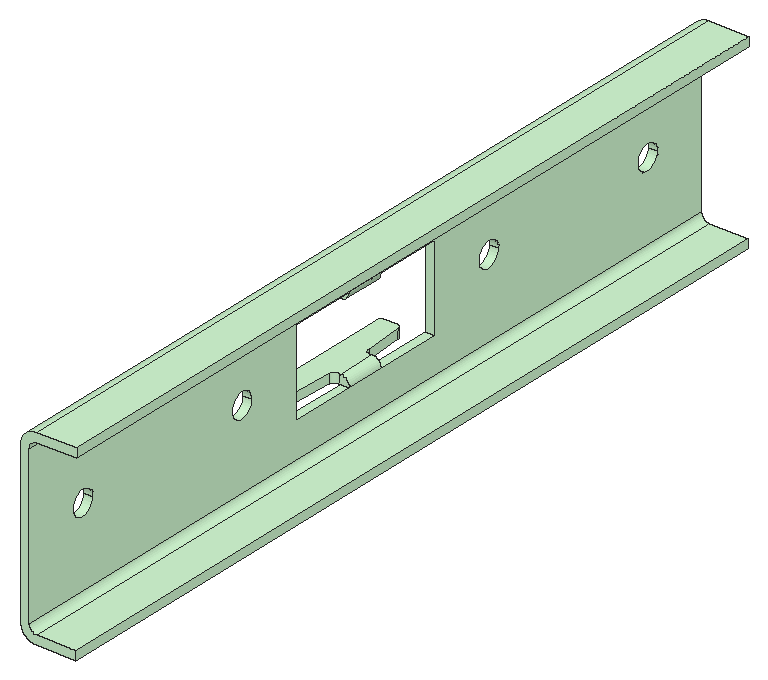
Revit family "rp-channel-joint_c38", category 機械設備, Revit 2022
Family settings
  丸型コネクタ寸法 = 直径を使用
  種別 = なし
  パーツ タイプ = 標準
  作業面ベース = いいえ
  常に垂直 = はい
  ロード時にボイドで切り取り = いいえ
  注釈の向きを維持 = いいえ
  共有 = いいえ
  部屋計算ポイント = いいえ
Parameters
  製造元 = "株式会社桐井製作所"
  既定の高さ = 0 mm
  URL = "https://www.kirii.co.jp/"
  K_品名 = "RPチャンネルジョイント(C38)"
  K_名称 = "特殊ジョイント"
  K_入数 = "100"
  K_バージョン情報 = "20210714"
Reference planes
  plane 1 "中心(正面/背面)": y = 0
  plane 2: z = 0
  plane 3 "中心(左/右)": x = 0
Forms (mm)
  Extrusion 1, solid
    sketch origin (2.7, 0, 0) x (1, 0, 0) y (0, 0, 1)
      loop
        line (-2.7, 15.375) -> (-2.7, 16.975) -> (-9.7, 16.975)
        arc (-9.7, 16.975) -> (-11.821, 16.096) -> (-12.7, 13.975) r 3
        line (-12.7, 13.975) -> (-12.7, -14.025)
        arc (-12.7, -14.025) -> (-11.821, -16.146) -> (-9.7, -17.025) r 3
        line (-9.7, -17.025) -> (-2.7, -17.025) -> (-2.7, -15.425) -> (-9.7, -15.425)
        arc (-9.7, -15.425) -> (-10.69, -15.015) -> (-11.1, -14.025) r 1.4
        line (-11.1, -14.025) -> (-11.1, 13.975)
        arc (-11.1, 13.975) -> (-10.69, 14.965) -> (-9.7, 15.375) r 1.4
        line (-9.7, 15.375) -> (-2.7, 15.375)
    from -75 to 75
  Extrusion 2, void
    sketch origin (2.7, 0, 0) x (0, 1, 0) y (0, 0, 1)
      loop
        line (15.5, 7.675) -> (-15.5, 7.675) -> (-15.5, -7.725) -> (15.5, -7.725) -> (15.5, 7.675)
    from -11.1 to -12.7
  Extrusion 3, solid
    sketch origin (0, 0, 0) x (1, 0, 0) y (0, 0, 1)
      loop
        line (-15.8, 7.675) -> (-15.8, 6.075) -> (-10, 6.075)
        arc (-10, 6.075) -> (-8.869, 6.544) -> (-8.4, 7.675) r 1.6
        line (-8.4, 7.675) -> (-15.8, 7.675)
    from -12.5 to 12.5
  Extrusion 4, void
    sketch origin (0, 0, 0) x (1, 0, 0) y (0, 1, 0)
      loop
        line (-11.8, 11.5) -> (-11.359, 4.438)
        arc (-11.359, 4.438) -> (-11.045, 3.771) -> (-10.361, 3.5) r 1
        line (-10.361, 3.5) -> (-8.4, 3.5) -> (-8.4, 12.5) -> (-12.8, 12.5)
        arc (-12.8, 12.5) -> (-12.093, 12.207) -> (-11.8, 11.5) r 1
    from 6.075 to 7.675
  Extrusion 5, void
    sketch origin (0, 0, 0) x (1, 0, 0) y (0, 1, 0)
      loop
        arc (-11.8, -11.5) -> (-12.093, -12.207) -> (-12.8, -12.5) r 1
        line (-12.8, -12.5) -> (-8.4, -12.5) -> (-8.4, -3.5) -> (-10.361, -3.5)
        arc (-10.361, -3.5) -> (-11.045, -3.771) -> (-11.359, -4.438) r 1
        line (-11.359, -4.438) -> (-11.8, -11.5)
    from 6.075 to 7.675
  Extrusion 6, void
    sketch origin (0, 0, 6.075) x (1, 0, 0) y (0, 1, 0)
      loop
        line (-14.8, 12.5) -> (-15.8, 12.5) -> (-15.8, 11.5)
        arc (-15.8, 11.5) -> (-15.507, 12.207) -> (-14.8, 12.5) r 1
      loop
        arc (-14.8, -12.5) -> (-15.507, -12.207) -> (-15.8, -11.5) r 1
        line (-15.8, -11.5) -> (-15.8, -12.5) -> (-14.8, -12.5)
    from 0 to 1.6
  Extrusion 7, solid
    sketch origin (0, 0, 0) x (1, 0, 0) y (0, 0, 1)
      loop
        line (-15.8, -7.725) -> (-8.4, -7.725)
        arc (-8.4, -7.725) -> (-8.869, -6.594) -> (-10, -6.125) r 1.6
        line (-10, -6.125) -> (-15.8, -6.125) -> (-15.8, -7.725)
    from -12.5 to 12.5
  Extrusion 8, void
    sketch origin (0, 0, -7.675) x (0, -1, 0) y (1, 0, 0)
      loop
        line (-12.5, -14.8) -> (-12.5, -15.8) -> (-11.5, -15.8)
        arc (-11.5, -15.8) -> (-12.207, -15.507) -> (-12.5, -14.8) r 1
      loop
        arc (12.5, -14.8) -> (12.207, -15.507) -> (11.5, -15.8) r 1
        line (11.5, -15.8) -> (12.5, -15.8) -> (12.5, -14.8)
    from -0.05 to 1.6
  Extrusion 9, void
    sketch origin (0, 0, -13.8) x (0, -1, 0) y (1, 0, 0)
      loop
        arc (11.5, -11.8) -> (12.207, -12.093) -> (12.5, -12.8) r 1
        line (12.5, -12.8) -> (12.5, -8.4) -> (3.5, -8.4) -> (3.5, -10.361)
        arc (3.5, -10.361) -> (3.771, -11.045) -> (4.438, -11.359) r 1
        line (4.438, -11.359) -> (11.5, -11.8)
    from 6.075 to 7.675
  Extrusion 10, void
    sketch origin (0, 0, -13.8) x (0, -1, 0) y (1, 0, 0)
      loop
        line (-11.5, -11.8) -> (-4.438, -11.359)
        arc (-4.438, -11.359) -> (-3.771, -11.045) -> (-3.5, -10.361) r 1
        line (-3.5, -10.361) -> (-3.5, -8.4) -> (-12.5, -8.4) -> (-12.5, -12.8)
        arc (-12.5, -12.8) -> (-12.207, -12.093) -> (-11.5, -11.8) r 1
    from 6.075 to 7.675
  Extrusion 11, void
    sketch origin (0, 0, 0) x (0, 1, 0) y (0, 0, 1)
      loop
        circle (-63, 0) r 2.25
      loop
        circle (-27.5, 0) r 2.25
      loop
        circle (27.5, 0) r 2.25
      loop
        circle (63, 0) r 2.25
    from -10 to -8.4
Cuts and joins
  Extrusion 2, Extrusion 5, Extrusion 9, Extrusion 10, Extrusion 11 cuts Extrusion 1
  Extrusion 4, Extrusion 5, Extrusion 6, Extrusion 9, Extrusion 10 cuts Extrusion 3
  Extrusion 8, Extrusion 9, Extrusion 10 cuts Extrusion 7
  joined: Extrusion 1, Extrusion 3, Extrusion 7
Dimensions and locks
  aligned and locked: level to plane 2
